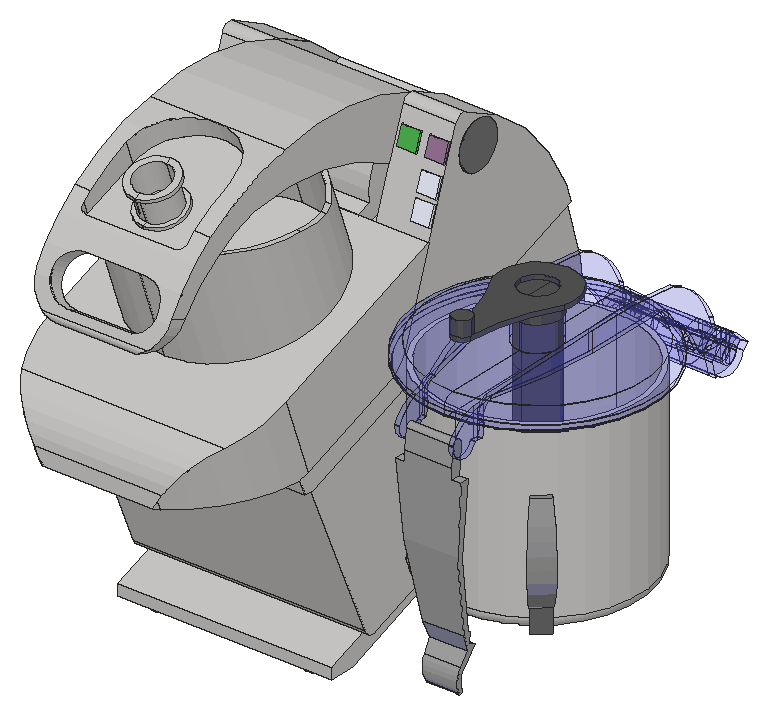
Revit family "QF_DITOSAMA_600438_DTRK70YI", category Specialty Equipment, Revit 2018
Family settings
  Round Connector Dimension = Use Diameter
  Part Type = Normal
  Work Plane-Based = No
  Always vertical = Yes
  Cut with Voids When Loaded = No
  Shared = No
  Room Calculation Point = No
Parameters (values of type "QF_DITO SAMA_600438_DTRK70YI")
  Weight = 28.00 kg
  Watts = 0 W
  Volts = 200 V
  URL Manufacturer = "http://www.ditosama.com"
  URL = "http://www.ditosama.com"
  Steam Supply Size = 0 mm
  Steam Supply Minimum Pressure = 0.0 Pa
  Steam Supply Maximum Pressure = 0.0 Pa
  Steam Pounds per Hour = 0
  Refrigeration Suction Line Size = 0 mm
  Refrigeration Liquid Line Size = 0 mm
  Refrigerant Compressor Remote = yes
  Manufacturer = "Dito Sama"
  Phase = 1
  Model = "DTRK70YI"
  Length Actual = 252 mm  # constant formula
  Item Number = "600438"
  Hot Water Size = 0 mm
  Height Actual = 505 mm  # constant formula
  HP = "2 HP"
  Gas Size = 0 mm
  Gas KW = 0
  Gas Input Pressure = 0 W
  Direct Waste Size = 0 mm
  Description = "CUTTER/SLICER 7L VARIAB.SPEED-1500W-200-240V/1N/50-60-CB APPROVED, SCHUKO PLUG"
  Depth Actual = 485 mm  # constant formula
  Cycle = 60 Hz
  Condensate Return Size = 0 mm
  Compressed Air Volume = 0.0 L/s
  Compressed Air Size = 0 mm
  Compressed Air Pressure = 0.0 Pa
  Cold Water Size = 0 mm
  Accessory = yes
Reference planes
  plane 1 "Center (Front/Back)": y = 0
  plane 2: z = 0
  plane 3 "Center (Left/Right)": x = 0
  plane 4 "BASE": through (-1506.947, -1354.442, -482.669) normal (0, -0.342, 0.9397)
  plane 5 "TOP": z = 725
  plane 6 "FRONT": y = -250
  plane 7 "BACK": y = 250
  plane 8 "LEFT": x = -126
  plane 9 "RIGHT": x = 126
  plane 10 "BaseSup": through (4267.2, -355.454, 143.983) normal (0, -0.342, 0.9397)
  plane 11 "TopCylinder": z = 505
  plane 12 "panel": through (4267.2, 37.396, 376.789) normal (0, -0.9397, 0.342)
  plane 13 "TAN1": through (4267.2, -242.8, 386.84) normal (0, -0.868, 0.4965)
  plane 14 "cx": x = -4.392
  plane 15: z = 490
  plane 16: z = 685
  plane 17 "EI_1": z = 320
  plane 18: z = 224
  plane 19 "SupportOblique": through (4267.2, 163.975, 96.815) normal (0, 0.809, 0.5878)
  plane 20 "CX2": x = 350
Forms (mm)
  Extrusion 1, solid, material "QF_Finishes_Stainless Steel"
    sketch origin (0, 71.755, 29.173) x (0, 0.939693, 0.34202) y (0, -0.34202, 0.939693)
      loop
        line (196.964, 40) -> (-146.726, 40) -> (-150.519, 29.578) -> (-124.204, 20) -> (196.964, 20) -> (196.964, 40)
    from -114.1 to 114.1
  Extrusion 2, solid, material "QF_Finishes_Stainless Steel"
    sketch origin (0, 71.755, 29.173) x (0, 0.939693, 0.34202) y (0, -0.34202, 0.939693)
      loop
        arc (-117.754, 231.836) -> (-115.679, 141.222) -> (-107.501, 50.953) r 1344.145
        arc (-107.501, 50.953) -> (-103.371, 43.13) -> (-95.098, 40) r 12.5
        line (-95.098, 40) -> (191.415, 40)
        arc (191.415, 40) -> (200.799, 44.052) -> (207.001, 52.177) r 20.212
        arc (207.001, 52.177) -> (236.663, 139.796) -> (245.906, 231.836) r 409.593
        line (245.906, 231.836) -> (-117.754, 231.836)
    from -123.6 to 123.2
  Extrusion 3, solid, material "QF_Finishes_Stainless Steel"
    sketch origin (0, 71.755, 29.173) x (0, 0.939693, 0.34202) y (0, -0.34202, 0.939693)
      loop
        line (-117.754, 231.836) -> (250, 231.836) -> (250, 254)
        arc (250, 254) -> (225.127, 344.7) -> (167.861, 419.303) r 244.524
        arc (167.861, 419.303) -> (160.498, 421.774) -> (153.587, 418.23) r 10
        line (153.587, 418.23) -> (25.432, 265.5)
        arc (25.432, 265.5) -> (14.376, 257.016) -> (0.77, 254) r 32.194
        line (0.77, 254) -> (-128.224, 254) -> (-128.224, 236.946) -> (-117.754, 231.836)
    from -125 to 125
  Extrusion 4, void
    sketch origin (0, 71.755, 29.173) x (0, 0.939693, 0.34202) y (0, -0.34202, 0.939693)
      loop
        line (146.605, 338.403) -> (228.145, 338.403)
        arc (228.145, 338.403) -> (202.221, 381.996) -> (167.861, 419.303) r 244.524
        arc (167.861, 419.303) -> (160.498, 421.774) -> (153.587, 418.23) r 10
        line (153.587, 418.23) -> (72.34, 321.403) -> (146.605, 321.403) -> (146.605, 338.403)
    from -76.755 to 68.071
  Extrusion 5, solid, material "QF_Finishes_Stainless Steel"
    sketch origin (0, 71.755, 29.173) x (0, 0.939693, 0.34202) y (0, -0.34202, 0.939693)
      loop
        line (86.605, 338.403) -> (69.605, 321.403) -> (146.605, 321.403) -> (146.605, 338.403) -> (138.179, 338.403) -> (138.179, 369.367)
        arc (138.179, 369.367) -> (147.784, 373.474) -> (158.149, 372.174) r 19.987
        arc (158.149, 372.174) -> (156.791, 382.001) -> (162.888, 389.826) r 12.748
        arc (162.888, 389.826) -> (123.302, 374.774) -> (101.605, 338.403) r 64.447
        line (101.605, 338.403) -> (86.605, 338.403)
    from -65 to 50
  Extrusion 6, solid, material "QF_Finishes_Stainless Steel"
    sketch origin (539, 71.755, 29.173) x (0, -0.939693, -0.34202) y (0, -0.34202, 0.939693)
      loop
        circle (-169.102, 378.696) r 12.748
    from 489 to 604
  Extrusion 7, solid, material "QF_Finishes_Rubber Black"
    sketch origin (0, 71.755, 29.173) x (0, 0.939693, 0.34202) y (0, -0.34202, 0.939693)
      loop
        circle (169.102, 378.696) r 25
    from 125 to 126.6
  Extrusion 8, solid, material "QF_Finishes_Green"
    sketch origin (-10, -113.728, -38.42) x (0, -0.34202, -0.939693) y (1, 0, 0)
      loop
        line (-529.862, 82.865) -> (-509.862, 82.865) -> (-509.862, 102.865) -> (-529.862, 102.865) -> (-529.862, 82.865)
    from 0 to 1.6
  Extrusion 9, solid, material "QF_Finishes_Red"
    sketch origin (20, -113.728, -38.42) x (0, -0.34202, -0.939693) y (1, 0, 0)
      loop
        line (-529.862, 82.865) -> (-509.862, 82.865) -> (-509.862, 102.865) -> (-529.862, 102.865) -> (-529.862, 82.865)
    from 0 to 1.6
  Extrusion 10, solid, material "QF_Finishes_White"
    sketch origin (19.976, -149.421, -75.636) x (0, -0.34202, -0.939693) y (1, 0, 0)
      loop
        line (-521.192, 82.865) -> (-501.192, 82.865) -> (-501.192, 102.865) -> (-521.192, 102.865) -> (-521.192, 82.865)
    from 0 to 1.6
  Extrusion 11, solid, material "QF_Finishes_Rubber Black"
    sketch origin (-20, -293.925, 99.376) x (0, -1, 0) y (1, 0, 0)
      loop
        circle (-230.144, 103.748) r 10
      loop
        circle (-230.144, -61.252) r 10
    from 9.274 to 3.787
  Extrusion 12, void
    sketch origin (-20.94, 306.731, 139.428) x (-1, 0, 0) y (0, -0.34202, 0.939693)
      loop
        circle (-20.94, 196.093) r 10
    from -1.916 to -26.433
  Extrusion 13, solid, material "QF_Finishes_Stainless Steel"
    sketch origin (-20.94, 306.678, 139.573) x (-1, 0, 0) y (0, -0.34202, 0.939693)
      loop
        circle (-20.94, 195.939) r 9.999
    from -8.514 to -26.433
  Extrusion 14, solid, material "QF_Finishes_Stainless Steel"
    sketch origin (0, -15.119, 267.855) x (0, -0.939693, -0.34202) y (1, 0, 0)
      loop
        line (-86.605, -125) -> (117.754, -125)
        arc (117.754, -125) -> (182.577, -108.838) -> (232.224, -64.135) r 138.076
        arc (232.224, -64.135) -> (246.337, -33.516) -> (250, 0) r 104.824
        arc (250, 0) -> (246.337, 33.516) -> (232.224, 64.135) r 104.824
        arc (232.224, 64.135) -> (182.577, 108.838) -> (117.754, 125) r 138.076
        line (117.754, 125) -> (-86.605, 125) -> (-86.605, -125)
    from 0 to 84.403
  Extrusion 15, void
    sketch origin (0, 71.755, 29.173) x (0, 0.939693, 0.34202) y (0, -0.34202, 0.939693)
      loop
        line (-183.149, 338.403) -> (-263.395, 338.403) -> (-263.395, 254) -> (-128.224, 254) -> (-235.716, 293.124) -> (-229.509, 307.133)
        arc (-229.509, 307.133) -> (-211.109, 329.855) -> (-183.149, 338.403) r 50
      loop
        line (86.605, 338.403) -> (25.432, 265.5)
        arc (25.432, 265.5) -> (14.376, 257.016) -> (0.77, 254) r 32.194
        line (0.77, 254) -> (86.605, 254) -> (86.605, 338.403)
    from -156.555 to 144.79
  Extrusion 16, solid, material "QF_Finishes_Rubber Black"
    sketch origin (-20, -255.757, 37.007) x (0, -0.939693, -0.34202) y (1, 0, 0)
      loop
        circle (-230.144, 103.748) r 10
      loop
        circle (-230.144, -61.252) r 10
    from -1.968 to 3.787
  Extrusion 17, solid, material "QF_Finishes_Stainless Steel"
    sketch origin (0, 0, 0) x (0, 1, 0) y (0, 0, 1)
      loop
        arc (-237.987, 360.286) -> (-193.334, 422.101) -> (-125.907, 457.716) r 167.502
        arc (-125.907, 457.716) -> (-32.614, 457.202) -> (54.785, 424.565) r 266.494
        line (54.785, 424.565) -> (73.036, 474.711)
        arc (73.036, 474.711) -> (77.269, 479.853) -> (83.792, 481.198) r 10
        arc (83.792, 481.198) -> (1.801, 503.572) -> (-83.051, 498.734) r 263.981
        arc (-83.051, 498.734) -> (-135.605, 484.534) -> (-183.511, 458.675) r 236.13
        arc (-183.511, 458.675) -> (-222.818, 420.732) -> (-248.457, 372.49) r 174.407
        arc (-248.457, 372.49) -> (-249.83, 368.135) -> (-247.05, 364.513) r 4.945
        line (-247.05, 364.513) -> (-237.987, 360.286)
    from -76.755 to 68.071
  Extrusion 18, void
    sketch origin (0, -252.846, 369.279) x (0, -0.496521, -0.868025) y (1, 0, 0)
      loop
        line (-13.723, -36.755) -> (-13.723, 28.071)
        arc (-13.723, 28.071) -> (-38.723, 53.071) -> (-63.723, 28.071) r 25
        line (-63.723, 28.071) -> (-63.723, -36.755)
        arc (-63.723, -36.755) -> (-38.723, -61.755) -> (-13.723, -36.755) r 25
    from -148.493 to 7.125
  Extrusion 19, void
    sketch origin (0, -88.076, 32.057) x (0, -0.34202, -0.939693) y (1, 0, 0)
      loop
        line (-257.162, 68.071) -> (-297.162, 68.071)
        arc (-297.162, 68.071) -> (-268.878, 56.356) -> (-257.162, 28.071) r 40
        line (-257.162, 28.071) -> (-257.162, 68.071)
      loop
        line (-257.162, -76.755) -> (-257.162, -36.755)
        arc (-257.162, -36.755) -> (-268.878, -65.039) -> (-297.162, -76.755) r 40
        line (-297.162, -76.755) -> (-257.162, -76.755)
    from 233.374 to 280.473
  Extrusion 20, void
    sketch origin (0, -73.76, 246.511) x (0, -0.939693, -0.34202) y (1, 0, 0)
      loop
        spline (50.415, 43.499) -> (50.302, 44.538) -> (50.07, 45.551) -> (49.722, 46.523) -> (49.265, 47.436) -> (48.705, 48.278) -> (48.053, 49.034) -> (47.317, 49.692) -> (46.511, 50.241) -> (45.647, 50.674) -> (44.738, 50.981) -> (43.801, 51.16) -> (42.848, 51.221)
        line (42.848, 51.221) -> (-21.826, 51.221)
        arc (-21.826, 51.221) -> (-77.476, -4.429) -> (-21.826, -60.078) r 55.65
        line (-21.826, -60.078) -> (42.849, -60.064)
        spline (42.849, -60.064) -> (43.796, -60.017) -> (44.73, -59.836) -> (45.637, -59.525) -> (46.5, -59.088) -> (47.306, -58.532) -> (48.042, -57.867) -> (48.695, -57.103) -> (49.256, -56.253) -> (49.715, -55.331) -> (50.065, -54.351) -> (50.3, -53.329) -> (50.415, -52.283)
        line (50.415, -52.283) -> (50.415, 43.499)
    from 219.928 to 259.975
  Extrusion 21, void
    sketch origin (0, -87.856, 241.381) x (0, -0.939693, -0.34202) y (1, 0, 0)
      loop
        circle (-4.976, -4.429) r 22.5
    from 184.171 to 259.975
  Extrusion 22, solid, material "QF_Finishes_Stainless Steel"
    sketch origin (0, -57.13, 252.564) x (0, -0.939693, -0.34202) y (1, 0, 0)
      loop
        circle (-27.476, -4.429) r 100
      loop
        circle (-27.476, -4.429) r 95
    from 84.403 to 219.928
  Extrusion 23, void
    sketch origin (539, 0, 0) x (0, -1, 0) y (0, 0, 1)
      loop
        line (-7.229, 448.453) -> (38.883, 431.669) -> (53.883, 431.669) -> (97.232, 435.738) -> (172.232, 435.738) -> (200.5, 434.424) -> (12.562, 502.828) -> (-7.229, 448.453)
    from 424.9 to 664
  Revolve 24, solid, material "QF_Finishes_Stainless Steel"
    sketch origin (-4.392, 0, 0) x (0, 1, 0) y (0, 0, 1)
      loop
        line (-159.523, 452.833) -> (-177.266, 446.376) -> (-188.766, 477.973) -> (-195.199, 475.631) -> (-193.959, 472.225) -> (-189.261, 473.935) -> (-179, 445.744) -> (-183.698, 444.034) -> (-182.575, 440.948) -> (-179.543, 442.052) -> (-133.191, 314.7) -> (-112.048, 322.396) -> (-159.523, 452.833)
      axis (-112.048, 322.396) -> (-171.023, 484.431)
    angle from 0 to 360
  Extrusion 25, solid, material "QF_Door-Drawer Clearances", detail levels coarse
    sketch origin (0, -262.072, 735.095) x (0, -0.581279, -0.813704) y (0, 0.813704, -0.581279)
      loop
        arc (-237.987, 360.286) -> (-193.334, 422.101) -> (-125.907, 457.716) r 167.502
        arc (-125.907, 457.716) -> (-61.925, 460.915) -> (0.971, 448.753) r 266.494
        arc (0.971, 448.753) -> (-2.208, 475.472) -> (-2.432, 502.379) r 244.524
        arc (-2.432, 502.379) -> (-31.549, 503.211) -> (-60.594, 500.999) r 278.64
        arc (-60.594, 500.999) -> (-125.023, 488.463) -> (-183.511, 458.675) r 236.13
        arc (-183.511, 458.675) -> (-222.818, 420.732) -> (-248.457, 372.49) r 174.407
        arc (-248.457, 372.49) -> (-249.83, 368.135) -> (-247.05, 364.513) r 4.945
        line (-247.05, 364.513) -> (-237.987, 360.286)
    from -76.755 to 68.071
  Extrusion 26, solid, material "QF_Door-Drawer Clearances", detail levels coarse
    sketch origin (-4.392, 0, -55) x (0, 1, 0) y (0, 0, 1)
      loop
        arc (180.062, 780.324) -> (-149.234, 694.151) -> (-249.905, 368.994) r 350.321
        line (-249.905, 368.994) -> (-246.546, 377.767)
        arc (-246.546, 377.767) -> (-144.345, 691.9) -> (174.993, 776.44) r 345.321
        line (174.993, 776.44) -> (180.062, 780.324)
    from -60 to 60
  Extrusion 27, solid, material "QF_Finishes_Rubber Black"
    sketch origin (-20, -20.834, 122.512) x (0, -0.939693, -0.34202) y (1, 0, 0)
      loop
        circle (-230.144, 103.748) r 10
      loop
        circle (-230.144, -61.252) r 10
    from -1.968 to 3.787
  Extrusion 28, void
    sketch origin (-4.392, 0, 0) x (0, 1, 0) y (0, 0, 1)
      loop
        circle (163.975, 96.815) r 5.399
    from -121.608 to 130.392
  Sweep 29, solid, material "QF_Finishes_Stainless Steel"
    path origin (0, 153.361, 111.423) x (0, -0.587785, 0.809017) y (1, 0, 0)
      loop
        line (-133.401, 56) -> (-133.401, 112.5)
        arc (-133.401, 112.5) -> (-130.472, 119.571) -> (-123.401, 122.5) r 10
        line (-123.401, 122.5) -> (-28.058, 122.5)
        arc (-28.058, 122.5) -> (-20.987, 119.571) -> (-18.058, 112.5) r 10
        line (-18.058, 112.5) -> (-18.058, -112.5)
        arc (-18.058, -112.5) -> (-20.987, -119.571) -> (-28.058, -122.5) r 10
        line (-28.058, -122.5) -> (-123.401, -122.5)
        arc (-123.401, -122.5) -> (-130.472, -119.571) -> (-133.401, -112.5) r 10
        line (-133.401, -112.5) -> (-133.401, -56)
    profile origin (84.25, 231.772, 3.5) x (0, 0.587785, -0.809017) y (0, 0.809017, 0.587785)
      loop
        circle (0, 0) r 3.5
  Extrusion 30, void
    sketch origin (-4.392, 0, 0) x (0, 1, 0) y (0, 0, 1)
      loop
        line (50.281, 42.641) -> (71.708, 50.44) -> (64.376, 57.771) -> (50.281, 52.641) -> (50.281, 42.641)
    from -119.208 to -51.608
  Extrusion 31, void
    sketch origin (4.392, 0, 0) x (0, 1, 0) y (0, 0, -1)
      loop
        line (50.281, -42.641) -> (50.281, -52.641) -> (64.376, -57.771) -> (71.708, -50.44) -> (50.281, -42.641)
    from -119.208 to -51.608
  Extrusion 32, solid, material "QF_Door-Drawer Clearances", detail levels coarse
    sketch origin (350, -160.4, -17.118) x (0, -0.34202, -0.939693) y (0, -0.939693, 0.34202)
      loop
        line (-206.754, 118.191) -> (-331.133, -223.538)
        arc (-331.133, -223.538) -> (-241.482, -246.331) -> (-149.003, -248.426) r 409.593
        arc (-149.003, -248.426) -> (-139.246, -245.378) -> (-132.229, -237.945) r 20.212
        line (-132.229, -237.945) -> (-34.236, 31.289)
        arc (-34.236, 31.289) -> (-34.347, 40.134) -> (-40.286, 46.691) r 12.5
        arc (-40.286, 46.691) -> (-122.314, 85.249) -> (-206.754, 118.191) r 1344.145
    from -123.6 to 123.2
  Extrusion 33, solid, material "QF_Door-Drawer Clearances", detail levels coarse
    sketch origin (350, -160.4, -17.118) x (0, -0.34202, -0.939693) y (0, -0.939693, 0.34202)
      loop
        line (-134.127, -243.16) -> (-115.333, -250) -> (-5.487, 51.799) -> (-5.487, 79.803) -> (-16.578, 79.803) -> (-134.127, -243.16)
    from -114.1 to 114.1
  Extrusion 34, solid, material "QF_Door-Drawer Clearances", detail levels coarse
    sketch origin (330, -388.076, 105.131) x (0, -1, 0) y (1, 0, 0)
      loop
        circle (-230.144, 103.748) r 10
      loop
        circle (-230.144, -61.252) r 10
    from -1.968 to 3.787
  Extrusion 35, solid, material "QF_Door-Drawer Clearances", detail levels coarse
    sketch origin (330, -138.076, 105.131) x (0, -1, 0) y (1, 0, 0)
      loop
        circle (-230.144, 103.748) r 10
      loop
        circle (-230.144, -61.252) r 10
    from -1.968 to 3.787
  Extrusion 36, solid, material "QF_Door-Drawer Clearances", detail levels coarse
    sketch origin (0, 250, 0) x (-1, 0, 0) y (0, 0, 1)
      loop
        circle (-350, 200) r 10
    from -89.12 to -78.665
  Extrusion 37, solid, material "QF_Finishes_White"
    sketch origin (19.976, -140.87, -52.143) x (0, -0.34202, -0.939693) y (1, 0, 0)
      loop
        line (-521.192, 82.865) -> (-501.192, 82.865) -> (-501.192, 102.865) -> (-521.192, 102.865) -> (-521.192, 82.865)
    from 0 to 1.6
Cuts and joins
  Extrusion 4, Extrusion 19, Extrusion 20, Extrusion 21 cuts Extrusion 3
  Extrusion 15, Extrusion 19, Extrusion 20, Extrusion 21 cuts Extrusion 14
  Extrusion 18, Extrusion 19, Extrusion 20, Extrusion 21 cuts Extrusion 17
  Extrusion 12, Extrusion 20, Extrusion 21 cuts Extrusion 2
  Extrusion 23 cuts Extrusion 22
  Extrusion 28, Extrusion 30, Extrusion 31 cuts Extrusion 1
Lines and regions (mm)
  symbolic lines
    curve 1: line (-76.755, 170.4, 0) -> (-76.755, -235.217, 0)
    curve 2: line (68.071, -235.135, 0) -> (68.071, 170.4, 0)
    curve 3: line (-76.755, 83.792, 0) -> (68.071, 83.792, 0)
    curve 4: line (-76.755, 170.4, 0) -> (68.071, 170.4, 0)
    curve 5: line (68.071, -83.051, 0) -> (-76.755, -83.051, 0)
    curve 6: line (-60.078, -136.967, 0) -> (51.221, -136.967, 0)
    curve 7: line (-60.078, -128.47, 0) -> (-60.078, -194.06, 0)
    curve 8: line (51.221, -193.76, 0) -> (51.221, -128.47, 0)
    curve 9: spline (-52.282, -199.891, 0) -> (-53.276, -199.815, 0) -> (-54.25, -199.647, 0) -> (-55.19, -199.39, 0) -> (-56.081, -199.046, 0) -> (-56.909, -198.622, 0) -> (-57.663, -198.124, 0) -> (-58.331, -197.559, 0) -> (-58.902, -196.936, 0) -> (-59.369, -196.264, 0) -> (-59.724, -195.553, 0) -> (-59.961, -194.815, 0) -> (-60.078, -194.06, 0)
    curve 10: line (43.499, -199.901, 0) -> (-52.283, -199.901, 0)
    curve 11: spline (51.218, -193.76, 0) -> (51.156, -194.554, 0) -> (50.964, -195.333, 0) -> (50.645, -196.085, 0) -> (50.204, -196.798, 0) -> (49.648, -197.459, 0) -> (48.986, -198.058, 0) -> (48.229, -198.586, 0) -> (47.39, -199.033, 0) -> (46.483, -199.392, 0) -> (45.521, -199.658, 0) -> (44.521, -199.826, 0) -> (43.499, -199.893, 0)
    curve 12: spline (-4.392, -146.848, 0) -> (-11.05, -147.672, 0) -> (-17.255, -150.087, 0) -> (-22.583, -153.929, 0) -> (-26.672, -158.936, 0) -> (-29.242, -164.766, 0) -> (-30.119, -171.023, 0) -> (-29.242, -177.28, 0) -> (-26.672, -183.111, 0) -> (-22.583, -188.118, 0) -> (-17.255, -191.96, 0) -> (-11.05, -194.375, 0) -> (-4.392, -195.199, 0)
    curve 13: spline (-4.392, -195.199, 0) -> (2.267, -194.375, 0) -> (8.472, -191.96, 0) -> (13.8, -188.118, 0) -> (17.888, -183.111, 0) -> (20.459, -177.28, 0) -> (21.335, -171.023, 0) -> (20.459, -164.766, 0) -> (17.888, -158.936, 0) -> (13.8, -153.929, 0) -> (8.472, -150.087, 0) -> (2.267, -147.672, 0) -> (-4.392, -146.848, 0)
    curve 14: spline (-4.392, -188.766, 0) -> (-9.279, -188.162, 0) -> (-13.832, -186.389, 0) -> (-17.743, -183.569, 0) -> (-20.744, -179.895, 0) -> (-22.63, -175.616, 0) -> (-23.273, -171.023, 0) -> (-22.63, -166.431, 0) -> (-20.744, -162.152, 0) -> (-17.743, -158.477, 0) -> (-13.832, -155.658, 0) -> (-9.279, -153.885, 0) -> (-4.392, -153.281, 0)
    curve 15: spline (-4.392, -153.281, 0) -> (0.495, -153.885, 0) -> (5.049, -155.658, 0) -> (8.96, -158.477, 0) -> (11.96, -162.152, 0) -> (13.846, -166.431, 0) -> (14.49, -171.023, 0) -> (13.846, -175.616, 0) -> (11.96, -179.895, 0) -> (8.96, -183.569, 0) -> (5.049, -186.389, 0) -> (0.495, -188.162, 0) -> (-4.392, -188.766, 0)
    curve 16: spline (-22.254, -165.273, 0) -> (-20.617, -168.597, 0) -> (-18.289, -171.534, 0) -> (-15.368, -173.96, 0) -> (-11.98, -175.77, 0) -> (-8.268, -176.888, 0) -> (-4.392, -177.266, 0) -> (-0.515, -176.888, 0) -> (3.197, -175.77, 0) -> (6.585, -173.96, 0) -> (9.505, -171.534, 0) -> (11.834, -168.597, 0) -> (13.471, -165.273, 0)
    curve 17: spline (21.106, -162.743, 0) -> (21.02, -155.749, 0) -> (18.807, -149.071, 0) -> (14.651, -143.268, 0) -> (8.902, -138.825, 0) -> (2.04, -136.115, 0) -> (-5.361, -135.365, 0) -> (-12.68, -136.637, 0) -> (-19.306, -139.824, 0) -> (-24.683, -144.661, 0) -> (-28.361, -150.742, 0) -> (-30.034, -157.558, 0) -> (-29.559, -164.538, 0)
    curve 18: spline (15.591, -154.349, 0) -> (13.851, -150.277, 0) -> (11.185, -146.674, 0) -> (7.729, -143.723, 0) -> (3.657, -141.574, 0) -> (-0.824, -140.337, 0) -> (-5.485, -140.073, 0) -> (-10.091, -140.797, 0) -> (-14.408, -142.471, 0) -> (-18.216, -145.011, 0) -> (-21.322, -148.287, 0) -> (-23.569, -152.134, 0) -> (-24.843, -156.356, 0)
    curve 19: line (-36.755, -245.358, 0) -> (-36.755, -220.255, 0)
    curve 20: line (28.071, -220.255, 0) -> (28.071, -245.358, 0)
    curve 21: line (-36.755, -220.255, 0) -> (28.071, -220.255, 0)
    curve 22: line (-36.755, -231.961, 0) -> (28.071, -231.961, 0)
    curve 23: line (28.071, -245.358, 0) -> (-36.755, -245.358, 0)
    curve 24: arc (-36.755, -231.961, 0) -> (-47.346, -230.66, 0) -> (-57.309, -226.836, 0) r 43.78
    curve 25: arc (28.071, -231.961, 0) -> (38.611, -230.648, 0) -> (48.525, -226.836, 0) r 43.78
    curve 26: line (108.532, -216.09, 0) -> (68.016, -248.959, 0)
    curve 27: spline (108.532, -216.09, 0) -> (111.117, -211.341, 0) -> (113.492, -206.496, 0) -> (115.654, -201.564, 0) -> (117.598, -196.552, 0) -> (119.32, -191.469, 0) -> (120.82, -186.324, 0) -> (122.092, -181.125, 0) -> (123.137, -175.882, 0) -> (123.951, -170.603, 0) -> (124.533, -165.296, 0) -> (124.883, -159.972, 0) -> (125, -154.639, 0)
    curve 28: line (125, -154.639, 0) -> (125, 227.385, 0)
    curve 29: spline (63.971, -249.433, 0) -> (63.542, -249.481, 0) -> (63.11, -249.529, 0) -> (62.674, -249.577, 0) -> (62.235, -249.624, 0) -> (61.792, -249.672, 0) -> (61.346, -249.719, 0) -> (60.896, -249.766, 0) -> (60.442, -249.813, 0) -> (59.985, -249.86, 0) -> (59.525, -249.907, 0) -> (59.06, -249.954, 0) -> (58.593, -250, 0)
    curve 30: spline (68.016, -248.959, 0) -> (67.688, -248.999, 0) -> (67.358, -249.038, 0) -> (67.026, -249.078, 0) -> (66.693, -249.118, 0) -> (66.359, -249.157, 0) -> (66.022, -249.197, 0) -> (65.684, -249.236, 0) -> (65.345, -249.276, 0) -> (65.004, -249.315, 0) -> (64.661, -249.354, 0) -> (64.317, -249.394, 0) -> (63.971, -249.433, 0)
    curve 31: line (-68.016, -248.959, 0) -> (68.016, -248.959, 0)
    curve 32: line (-68.016, -248.959, 0) -> (-108.532, -216.09, 0)
    curve 33: spline (-63.971, -249.433, 0) -> (-64.317, -249.394, 0) -> (-64.661, -249.354, 0) -> (-65.004, -249.315, 0) -> (-65.345, -249.276, 0) -> (-65.684, -249.236, 0) -> (-66.022, -249.197, 0) -> (-66.359, -249.157, 0) -> (-66.693, -249.118, 0) -> (-67.026, -249.078, 0) -> (-67.358, -249.038, 0) -> (-67.688, -248.999, 0) -> (-68.016, -248.959, 0)
    curve 34: spline (-58.593, -250, 0) -> (-59.06, -249.954, 0) -> (-59.525, -249.907, 0) -> (-59.985, -249.86, 0) -> (-60.442, -249.813, 0) -> (-60.896, -249.766, 0) -> (-61.346, -249.719, 0) -> (-61.792, -249.672, 0) -> (-62.235, -249.624, 0) -> (-62.674, -249.577, 0) -> (-63.11, -249.529, 0) -> (-63.542, -249.481, 0) -> (-63.971, -249.433, 0)
    curve 35: line (-76.755, -235.217, 0) -> (-60.604, -248.457, 0)
    curve 36: spline (-125, -154.639, 0) -> (-124.883, -159.972, 0) -> (-124.533, -165.296, 0) -> (-123.951, -170.603, 0) -> (-123.137, -175.882, 0) -> (-122.092, -181.125, 0) -> (-120.82, -186.324, 0) -> (-119.32, -191.469, 0) -> (-117.598, -196.552, 0) -> (-115.654, -201.564, 0) -> (-113.492, -206.496, 0) -> (-111.117, -211.341, 0) -> (-108.532, -216.09, 0)
    curve 37: line (-125, 227.385, 0) -> (-125, -154.639, 0)
    curve 38: arc (-76.755, -160.023, 0) -> (-93.256, -130.498, 0) -> (-99.37, -97.232, 0) r 103.622
    curve 39: arc (-76.755, -168.026, 0) -> (-96.901, -135.101, 0) -> (-104.377, -97.232, 0) r 109.55
    curve 40: spline (-99.395, -97.232, 0) -> (-99.428, -93.546, 0) -> (-99.341, -89.86, 0) -> (-99.135, -86.178, 0) -> (-98.81, -82.506, 0) -> (-98.367, -78.845, 0) -> (-97.806, -75.201, 0) -> (-97.127, -71.576, 0) -> (-96.331, -67.976, 0) -> (-95.419, -64.402, 0) -> (-94.392, -60.86, 0) -> (-93.251, -57.352, 0) -> (-91.998, -53.883, 0)
    curve 41: arc (-91.998, -53.883, 0) -> (-88.614, -46.234, 0) -> (-84.624, -38.883, 0) r 103.541
    curve 42: spline (-84.624, -38.883, 0) -> (-84.026, -38.009, 0) -> (-83.417, -37.142, 0) -> (-82.798, -36.282, 0) -> (-82.167, -35.428, 0) -> (-81.527, -34.582, 0) -> (-80.876, -33.742, 0) -> (-80.214, -32.91, 0) -> (-79.543, -32.085, 0) -> (-78.861, -31.267, 0) -> (-78.169, -30.457, 0) -> (-77.467, -29.655, 0) -> (-76.755, -28.86, 0)
    curve 43: spline (-90.488, -38.883, 0) -> (-89.506, -37.356, 0) -> (-88.492, -35.846, 0) -> (-87.448, -34.355, 0) -> (-86.375, -32.883, 0) -> (-85.271, -31.43, 0) -> (-84.139, -29.997, 0) -> (-82.978, -28.585, 0) -> (-81.788, -27.193, 0) -> (-80.571, -25.823, 0) -> (-79.326, -24.476, 0) -> (-78.054, -23.15, 0) -> (-76.755, -21.847, 0)
    curve 44: arc (-97.398, -53.883, 0) -> (-94.227, -46.252, 0) -> (-90.488, -38.883, 0) r 109.406
    curve 45: spline (-104.397, -97.232, 0) -> (-104.428, -93.553, 0) -> (-104.346, -89.875, 0) -> (-104.151, -86.201, 0) -> (-103.844, -82.535, 0) -> (-103.425, -78.879, 0) -> (-102.894, -75.238, 0) -> (-102.252, -71.615, 0) -> (-101.499, -68.013, 0) -> (-100.637, -64.435, 0) -> (-99.665, -60.886, 0) -> (-98.585, -57.367, 0) -> (-97.398, -53.883, 0)
    curve 46: spline (-104.429, -60.179, 0) -> (-104.227, -54.213, 0) -> (-103.623, -48.272, 0) -> (-102.618, -42.379, 0) -> (-101.218, -36.558, 0) -> (-99.427, -30.832, 0) -> (-97.253, -25.224, 0) -> (-94.704, -19.758, 0) -> (-91.791, -14.454, 0) -> (-88.526, -9.335, 0) -> (-84.922, -4.421, 0) -> (-80.993, 0.268, 0) -> (-76.755, 4.714, 0)
    curve 47: line (-104.429, -60.179, 0) -> (-104.429, -91.125, 0)
    curve 48: line (-125, 37.396, 0) -> (-76.755, 37.396, 0)
    curve 49: line (-125, 227.385, 0) -> (125, 227.385, 0)
    curve 50: line (-125, 219.805, 0) -> (125, 219.805, 0)
    curve 51: line (-65, 113.885, 0) -> (50, 113.885, 0)
    curve 52: line (50, 113.885, 0) -> (50, 83.792, 0)
    curve 53: line (-65, 113.885, 0) -> (-65, 83.792, 0)
    curve 54: line (-65, 91.491, 0) -> (50, 91.491, 0)
    curve 55: line (50, 93.777, 0) -> (68.071, 93.777, 0)
    curve 56: line (-65, 93.777, 0) -> (-76.755, 93.777, 0)
    curve 57: line (72.865, 67.495, 0) -> (92.865, 67.495, 0)
    curve 58: line (72.865, 59.152, 0) -> (72.865, 67.495, 0)
    curve 59: line (92.865, 59.152, 0) -> (72.865, 59.152, 0)
    curve 60: line (92.865, 67.495, 0) -> (92.865, 59.152, 0)
    curve 61: line (102.865, 67.495, 0) -> (122.865, 67.495, 0)
    curve 62: line (102.865, 59.152, 0) -> (102.865, 67.495, 0)
    curve 63: line (122.865, 59.152, 0) -> (102.865, 59.152, 0)
    curve 64: line (122.865, 67.495, 0) -> (122.865, 59.152, 0)
    curve 65: line (102.841, 48.394, 0) -> (122.841, 48.394, 0)
    curve 66: line (102.841, 40.05, 0) -> (102.841, 48.394, 0)
    curve 67: line (122.841, 40.05, 0) -> (102.841, 40.05, 0)
    curve 68: line (122.841, 48.394, 0) -> (122.841, 40.05, 0)
    curve 69: line (92.865, 65.992, 0) -> (72.865, 65.992, 0)
    curve 70: line (122.865, 65.992, 0) -> (102.865, 65.992, 0)
    curve 71: line (122.841, 46.891, 0) -> (102.841, 46.891, 0)
    curve 72: line (-123.6, 250, 0) -> (123.2, 250, 0)
    curve 73: line (123.2, 227.385, 0) -> (123.2, 250, 0)
    curve 74: line (-123.6, 227.385, 0) -> (-123.6, 250, 0)
    curve 75: line (68.071, 37.396, 0) -> (125, 37.396, 0)
    curve 76: line (68.071, -235.135, 0) -> (51.82, -248.457, 0)
    curve 77: arc (68.071, -159.898, 0) -> (84.5, -130.423, 0) -> (90.587, -97.232, 0) r 103.622
    curve 78: arc (68.071, -167.913, 0) -> (88.145, -135.031, 0) -> (95.593, -97.232, 0) r 109.55
    curve 79: spline (90.612, -97.232, 0) -> (90.644, -93.546, 0) -> (90.558, -89.86, 0) -> (90.352, -86.178, 0) -> (90.027, -82.506, 0) -> (89.584, -78.845, 0) -> (89.022, -75.201, 0) -> (88.343, -71.576, 0) -> (87.547, -67.976, 0) -> (86.636, -64.402, 0) -> (85.609, -60.86, 0) -> (84.468, -57.352, 0) -> (83.214, -53.883, 0)
    curve 80: arc (83.214, -53.883, 0) -> (79.831, -46.234, 0) -> (75.841, -38.883, 0) r 103.541
    curve 81: spline (75.841, -38.883, 0) -> (75.25, -38.019, 0) -> (74.648, -37.162, 0) -> (74.036, -36.312, 0) -> (73.414, -35.468, 0) -> (72.781, -34.631, 0) -> (72.138, -33.801, 0) -> (71.485, -32.977, 0) -> (70.822, -32.161, 0) -> (70.149, -31.353, 0) -> (69.466, -30.551, 0) -> (68.774, -29.757, 0) -> (68.071, -28.97, 0)
    curve 82: spline (81.705, -38.883, 0) -> (80.729, -37.365, 0) -> (79.722, -35.865, 0) -> (78.685, -34.383, 0) -> (77.619, -32.92, 0) -> (76.523, -31.476, 0) -> (75.399, -30.051, 0) -> (74.246, -28.647, 0) -> (73.066, -27.263, 0) -> (71.857, -25.901, 0) -> (70.622, -24.56, 0) -> (69.36, -23.242, 0) -> (68.071, -21.946, 0)
    curve 83: arc (88.615, -53.883, 0) -> (85.443, -46.252, 0) -> (81.705, -38.883, 0) r 109.406
    curve 84: spline (95.614, -97.232, 0) -> (95.644, -93.553, 0) -> (95.562, -89.875, 0) -> (95.368, -86.201, 0) -> (95.061, -82.535, 0) -> (94.641, -78.879, 0) -> (94.111, -75.238, 0) -> (93.469, -71.615, 0) -> (92.716, -68.013, 0) -> (91.853, -64.435, 0) -> (90.882, -60.886, 0) -> (89.802, -57.367, 0) -> (88.615, -53.883, 0)
    curve 85: spline (95.645, -60.179, 0) -> (95.444, -54.225, 0) -> (94.842, -48.295, 0) -> (93.842, -42.413, 0) -> (92.446, -36.602, 0) -> (90.662, -30.886, 0) -> (88.496, -25.287, 0) -> (85.957, -19.829, 0) -> (83.055, -14.533, 0) -> (79.802, -9.421, 0) -> (76.21, -4.512, 0) -> (72.295, 0.173, 0) -> (68.071, 4.615, 0)
    curve 86: line (95.645, -60.179, 0) -> (95.645, -91.125, 0)
    curve 87: line (102.841, 56.945, 0) -> (122.841, 56.945, 0)
    curve 88: line (122.841, 55.441, 0) -> (102.841, 55.441, 0)
    curve 89: line (102.841, 56.945, 0) -> (102.841, 48.394, 0)
    curve 90: line (102.841, 48.601, 0) -> (122.841, 48.601, 0)
    curve 91: line (122.841, 48.601, 0) -> (122.841, 56.945, 0)
Dimensions and locks
  plane 5 "TOP" to level = 725 mm  (x2)
  plane 8 "LEFT" to plane 3 "Center (Left/Right)" to plane 9 "RIGHT" = 126 mm, 126 mm
  plane 7 "BACK" to plane 1 "Center (Front/Back)" to plane 6 "FRONT" = 250 mm, 250 mm
  plane 5 "TOP" to plane 2 = 725 mm
  plane 5 "TOP" to plane 11 "TopCylinder" = 220 mm
  plane 6 "FRONT" to plane 7 "BACK" = 500 mm
  plane 7 "BACK" to plane 6 "FRONT" = 500 mm
  plane 11 "TopCylinder" to level = 505 mm  (x2)
  plane 15 to level = 490 mm  (x2)
  plane 16 to level = 685 mm
  plane 17 "EI_1" to level = 320 mm
  plane 18 to level = 224 mm
  plane 16 to plane 2 = 685 mm
  plane 9 "RIGHT" to plane 8 "LEFT" = 252 mm
  aligned and locked: level to plane 2
Nested families
  nested 1: "QF_600438_BOWL" at (360, -39.665, -20.592), type "QF_600438_BOWL"
Connectors
  electrical at (0, 231.662, 320.783), driven by "Volts"
    settings: on Extrusion 13, index 1, voltage 200 V, apparent load 0 VA, apparent load phase1 0 VA, apparent load phase2 0 VA, apparent load phase3 0 VA, power factor 1, load classification "Other", number of poles 1, system type 30, power factor state 1, is connector primary yes, connector utility no, sub classification motor no, connector description "Electrical Connection"
Definition of nested family "QF_600438_BOWL"
  Reference planes
    plane 1 "Center (Front/Back)": y = 0
    plane 2: z = 0
    plane 3 "Center (Left/Right)": x = 0
    plane 4 "TOP": z = 705.4
    plane 5 "FRONT": y = -211
    plane 6 "BACK": y = 211
    plane 7 "LEFT": x = -128
    plane 8 "RIGHT": x = 128
    plane 9 "CenterX": x = -10
    plane 10 "Maniglia": through (-10, -59.177, 4000) normal (0.766, 0.6428, 0)
    plane 11 "Panel": through (4267.2, 107.252, 388.448) normal (0, 0.766, -0.6428)
    plane 12: z = 510
  Forms (mm)
    Revolve 1, solid
      sketch origin (-10, 0, 0) x (0, -1, 0) y (0, 0, 1)
        loop
          line (59.177, 490.527) -> (28.516, 490.527) -> (35.424, 483.619) -> (35.424, 470.527) -> (38.194, 470.527) -> (38.194, 356.104) -> (59.177, 356.104) -> (59.177, 490.527)
        axis (59.177, 356.104) -> (59.177, 490.527)
      angle from 0 to 360
    Extrusion 2, solid
      sketch origin (0, 0, 0) x (1, 0, 0) y (0, 1, 0)
        loop
          arc (-48.167, -71.147) -> (-28.951, -114.517) -> (-19.956, -161.093) r 210.055
          arc (-19.956, -161.093) -> (-10, -170.155) -> (-0.044, -161.093) r 10
          arc (-0.044, -161.093) -> (8.951, -114.517) -> (28.167, -71.147) r 210.055
          arc (28.167, -71.147) -> (-10, -19.177) -> (-48.167, -71.147) r 40
      from 490.527 to 495.013
    Extrusion 3, solid
      sketch origin (0, 0, 0) x (1, 0, 0) y (0, 1, 0)
        loop
          circle (-10, -160.155) r 10
      from 495.013 to 510.592
    Extrusion 4, void
      sketch origin (0, 0, 0) x (1, 0, 0) y (0, 1, 0)
        loop
          circle (-10, -59.177) r 19
      from 467.615 to 512.796
    Extrusion 5, void
      sketch origin (-20, 0, 0) x (-1, 0, 0) y (0, -1, 0)
        loop
          line (16.15, 177.864) -> (16.15, -123.86) -> (35.771, -123.86) -> (35.771, 48.192)
          arc (35.771, 48.192) -> (30.047, 105.502) -> (17.781, 161.776) r 500.876
          line (17.781, 161.776) -> (17.781, 171.776) -> (16.15, 177.864)
        loop
          line (40.771, -123.86) -> (45.852, -123.86) -> (45.852, 210.681) -> (21.15, 210.681) -> (21.15, 178.522) -> (22.781, 172.434) -> (22.781, 162.459)
          arc (22.781, 162.459) -> (35.047, 105.893) -> (40.771, 48.297) r 505.876
          line (40.771, 48.297) -> (40.771, -123.86)
      from 381.652 to 477.521
    Extrusion 6, solid
      sketch origin (-20, 0, 0) x (0, 1, 0) y (0, 0, -1)
        loop
          line (-173.064, -409.647) -> (-181.147, -409.647)
          arc (-181.147, -409.647) -> (-199.354, -399.982) -> (-210.844, -417.096) r 15.391
          arc (-210.844, -417.096) -> (-202.04, -429.372) -> (-189.058, -437.099) r 36.946
          arc (-189.058, -437.099) -> (-65.868, -463.241) -> (59.99, -458.888) r 518.061
          arc (59.99, -458.888) -> (92.246, -438.11) -> (113.023, -405.855) r 90.696
          arc (113.023, -405.855) -> (114.903, -399.662) -> (115.972, -393.28) r 50.278
          arc (115.972, -393.28) -> (121.968, -392.806) -> (127.203, -389.844) r 13.902
          arc (127.203, -389.844) -> (135.322, -382.188) -> (143.082, -374.167) r 242.898
          line (143.082, -374.167) -> (137.378, -368.464)
          arc (137.378, -368.464) -> (123.613, -353.84) -> (104.088, -358.543) r 20
          line (104.088, -358.543) -> (99.34, -358.543)
          arc (99.34, -358.543) -> (88.098, -393.587) -> (65.823, -422.884) r 108.872
          line (65.823, -422.884) -> (50.823, -422.884)
          arc (50.823, -422.884) -> (52.796, -423.701) -> (53.614, -425.674) r 2.79
          line (53.614, -425.674) -> (53.614, -430.892)
          arc (53.614, -430.892) -> (50.154, -439.244) -> (41.802, -442.703) r 11.812
          line (41.802, -442.703) -> (-160.307, -442.703)
          arc (-160.307, -442.703) -> (-168.659, -439.244) -> (-172.119, -430.892) r 11.812
          line (-172.119, -430.892) -> (-172.119, -425.826)
          arc (-172.119, -425.826) -> (-171.728, -424.361) -> (-170.659, -423.285) r 2.942
          line (-170.659, -423.285) -> (-173.064, -409.647)
        loop
          circle (117.901, -373.007) r 9.416
      from 16.15 to 45.852
    Extrusion 7, solid
      sketch origin (0, 0, 0) x (0, 1, 0) y (0, 0, 1)
        loop
          line (137.378, 368.464) -> (143.082, 374.167)
          arc (143.082, 374.167) -> (135.322, 382.188) -> (127.203, 389.844) r 242.898
          arc (127.203, 389.844) -> (116.931, 393.38) -> (107.252, 388.448) r 13.902
          line (107.252, 388.448) -> (95.766, 374.76)
          arc (95.766, 374.76) -> (97.862, 366.72) -> (99.34, 358.543) r 108.872
          line (99.34, 358.543) -> (104.088, 358.543)
          arc (104.088, 358.543) -> (123.613, 353.84) -> (137.378, 368.464) r 20
        loop
          circle (117.901, 373.007) r 9.416
      from -71.073 to 53.607
    Extrusion 8, solid
      sketch origin (0, 0, 0) x (0, 1, 0) y (0, 0, 1)
        loop
          arc (-182.273, 168.111) -> (-185.377, 178.111) -> (-182.273, 188.111) r 17.658
          line (-182.273, 188.111) -> (-169.592, 207.294) -> (-177.764, 211.104) -> (-177.764, 222.201) -> (-180.378, 224.815)
          arc (-180.378, 224.815) -> (-195.887, 307.452) -> (-195.295, 391.529) r 437.299
          line (-195.295, 391.529) -> (-193.232, 411.422)
          arc (-193.232, 411.422) -> (-197.69, 416.911) -> (-203.179, 412.454) r 5
          line (-203.179, 412.454) -> (-205.242, 392.56)
          arc (-205.242, 392.56) -> (-202.268, 306.332) -> (-185.461, 221.705) r 534.528
          line (-185.461, 221.705) -> (-177.764, 203.503) -> (-186.394, 190.943)
          arc (-186.394, 190.943) -> (-190.377, 178.111) -> (-186.394, 165.28) r 22.658
          arc (-186.394, 165.28) -> (-182.917, 164.635) -> (-182.273, 168.111) r 2.5
      from -49.646 to 27.326
    Extrusion 9, void
      sketch origin (0, -211, 0) x (-1, 0, 0) y (0, 0, 1)
        loop
          line (-15.15, 416.938) -> (-47.326, 416.938) -> (-47.326, 161.938) -> (-6.963, 161.938) -> (-24.508, 381.652) -> (-15.15, 381.652) -> (-15.15, 416.938)
        loop
          line (26.963, 161.938) -> (77.918, 161.938) -> (77.918, 416.938) -> (35.15, 416.938) -> (35.15, 381.652) -> (44.508, 381.652) -> (26.963, 161.938)
      from 46.08 to -69.339
    Extrusion 10, solid
      sketch origin (0, 0, 0) x (0, 1, 0) y (0, 0, 1)
        loop
          line (-173.064, 409.647) -> (-170.659, 423.285)
          arc (-170.659, 423.285) -> (-171.728, 424.361) -> (-172.119, 425.826) r 2.942
          line (-172.119, 425.826) -> (-172.119, 430.892)
          arc (-172.119, 430.892) -> (-168.659, 439.244) -> (-160.307, 442.703) r 11.812
          line (-160.307, 442.703) -> (41.802, 442.703)
          arc (41.802, 442.703) -> (50.154, 439.244) -> (53.614, 430.892) r 11.812
          line (53.614, 430.892) -> (53.614, 425.674)
          arc (53.614, 425.674) -> (52.796, 423.701) -> (50.823, 422.884) r 2.79
          line (50.823, 422.884) -> (65.823, 422.884)
          arc (65.823, 422.884) -> (88.098, 393.587) -> (99.34, 358.543) r 108.872
          line (99.34, 358.543) -> (104.088, 358.543)
          arc (104.088, 358.543) -> (123.613, 353.84) -> (137.378, 368.464) r 20
          line (137.378, 368.464) -> (143.082, 374.167)
          arc (143.082, 374.167) -> (135.322, 382.188) -> (127.203, 389.844) r 242.898
          arc (127.203, 389.844) -> (121.968, 392.806) -> (115.972, 393.28) r 13.902
          arc (115.972, 393.28) -> (114.903, 399.662) -> (113.023, 405.855) r 50.278
          arc (113.023, 405.855) -> (92.246, 438.11) -> (59.99, 458.888) r 90.696
          arc (59.99, 458.888) -> (-65.868, 463.241) -> (-189.058, 437.099) r 518.061
          arc (-189.058, 437.099) -> (-202.04, 429.372) -> (-210.844, 417.096) r 36.946
          arc (-210.844, 417.096) -> (-199.354, 399.982) -> (-181.147, 409.647) r 15.391
          line (-181.147, 409.647) -> (-173.064, 409.647)
        loop
          circle (117.901, 373.007) r 9.416
      from 16.15 to 45.852
    Extrusion 11, void
      sketch origin (0, 0, 0) x (1, 0, 0) y (0, 1, 0)
        loop
          line (16.15, -177.864) -> (17.781, -171.776) -> (17.781, -161.776)
          arc (17.781, -161.776) -> (30.047, -105.502) -> (35.771, -48.192) r 500.876
          line (35.771, -48.192) -> (35.771, 123.86) -> (16.15, 123.86) -> (16.15, -177.864)
        loop
          line (40.771, 123.86) -> (40.771, -48.297)
          arc (40.771, -48.297) -> (35.047, -105.893) -> (22.781, -162.459) r 505.876
          line (22.781, -162.459) -> (22.781, -172.434) -> (21.15, -178.522) -> (21.15, -210.681) -> (45.852, -210.681) -> (45.852, 123.86) -> (40.771, 123.86)
      from 381.652 to 477.521
    Revolve 12, solid
      sketch origin (-10, 0, 0) x (0, -1, 0) y (0, 0, 1)
        loop
          line (38.194, 422.884) -> (38.194, 470.527) -> (35.424, 470.527) -> (35.424, 442.703) -> (-53.802, 442.703)
          arc (-53.802, 442.703) -> (-62.213, 439.268) -> (-65.732, 430.892) r 11.871
          line (-65.732, 430.892) -> (-65.732, 425.793)
          arc (-65.732, 425.793) -> (-64.88, 423.736) -> (-62.823, 422.884) r 2.909
          line (-62.823, 422.884) -> (38.194, 422.884)
        axis (59.177, 422.884) -> (59.177, 470.527)
      angle from 0 to 360
    Revolve 13, solid
      sketch origin (-10, 0, 0) x (0, -1, 0) y (0, 0, 1)
        loop
          line (169.177, 422.884) -> (164.177, 422.884) -> (164.177, 237.884)
          arc (164.177, 237.884) -> (162.191, 233.09) -> (157.397, 231.104) r 6.78
          line (157.397, 231.104) -> (84.177, 231.104) -> (84.177, 356.104) -> (79.177, 356.104) -> (79.177, 226.104) -> (157.397, 226.104)
          arc (157.397, 226.104) -> (165.726, 229.554) -> (169.177, 237.884) r 11.78
          line (169.177, 237.884) -> (169.177, 422.884)
        axis (59.177, 422.884) -> (59.177, 226.104)
      angle from 0 to 360
    Extrusion 14, solid
      sketch origin (-49.423, -13.925, 0) x (0.634002, 0.773331, 0) y (-0.773331, 0.634002, 0)
        loop
          line (-55.497, -222.333) -> (-26.468, -227.794) -> (-20.635, -161.119)
          arc (-20.635, -161.119) -> (-28.727, -159.898) -> (-36.729, -158.185) r 133.529
          line (-36.729, -158.185) -> (-55.497, -222.333)
      from 226.104 to 356.104
    Revolve 15, void
      sketch origin (-35.007, -29.374, 0) x (-0.642788, 0.766044, 0) y (0, 0, 1)
        loop
          arc (-155.215, 337.579) -> (-171.344, 302.579) -> (-155.215, 267.579) r 46.04
          line (-155.215, 267.579) -> (-147.754, 267.579) -> (-147.754, 337.579) -> (-155.215, 337.579)
        loop
          line (-155.215, 356.104) -> (-147.754, 356.104) -> (-147.754, 361.761) -> (-215.215, 361.761) -> (-215.215, 226.104) -> (-147.754, 226.104) -> (-147.754, 256.485) -> (-163.93, 256.485)
          arc (-163.93, 256.485) -> (-184.453, 308.471) -> (-155.215, 356.104) r 62.537
        axis (10, 361.761) -> (10, 226.104)
      angle from -8.217 to 8.652
    Extrusion 16, solid
      sketch origin (0, 0, 0) x (1, 0, 0) y (0, 1, 0)
        loop
          arc (57.446, -154.071) -> (64.931, -148.135) -> (72.061, -141.775) r 165.215
          line (72.061, -141.775) -> (66.401, -136.116)
          arc (66.401, -136.116) -> (59.824, -141.977) -> (52.928, -147.46) r 157.215
          line (52.928, -147.46) -> (57.446, -154.071)
      from 226.104 to 256.485
    Revolve 17, solid, detail levels coarse
      sketch origin (-10, -235.136, 499.949) x (0, 0, 1) y (0, 1, 0)
        loop
          line (59.177, 490.527) -> (28.516, 490.527) -> (35.424, 483.619) -> (35.424, 470.527) -> (38.194, 470.527) -> (38.194, 442.703) -> (59.177, 442.703) -> (59.177, 490.527)
        axis (59.177, 442.703) -> (59.177, 490.527)
      angle from 0 to 360
    Extrusion 18, solid, detail levels coarse
      sketch origin (0, -235.136, 499.949) x (1, 0, 0) y (0, 0, -1)
        loop
          arc (-48.167, -71.147) -> (-28.951, -114.517) -> (-19.956, -161.093) r 210.055
          arc (-19.956, -161.093) -> (-10, -170.155) -> (-0.044, -161.093) r 10
          arc (-0.044, -161.093) -> (8.951, -114.517) -> (28.167, -71.147) r 210.055
          arc (28.167, -71.147) -> (-10, -19.177) -> (-48.167, -71.147) r 40
      from 490.527 to 495.013
    Extrusion 19, solid, detail levels coarse
      sketch origin (0, -235.136, 499.949) x (1, 0, 0) y (0, 0, -1)
        loop
          circle (-10, -160.155) r 10
      from 495.013 to 510.592
    Extrusion 20, void
      sketch origin (-20, -221.856, 479.359) x (-1, 0, 0) y (0, 0, 1)
        loop
          line (16.15, 177.864) -> (16.15, -123.86) -> (35.771, -123.86) -> (35.771, 48.192)
          arc (35.771, 48.192) -> (30.047, 105.502) -> (17.781, 161.776) r 500.876
          line (17.781, 161.776) -> (17.781, 171.776) -> (16.15, 177.864)
        loop
          line (40.771, -123.86) -> (45.852, -123.86) -> (45.852, 217.003) -> (21.15, 217.003) -> (21.15, 178.522) -> (22.781, 172.434) -> (22.781, 162.459)
          arc (22.781, 162.459) -> (35.047, 105.893) -> (40.771, 48.297) r 505.876
          line (40.771, 48.297) -> (40.771, -123.86)
      from 350.345 to 477.521
    Extrusion 21, solid, detail levels coarse
      sketch origin (-20, -235.136, 499.949) x (0, 0, -1) y (0, -1, 0)
        loop
          line (-173.064, -409.647) -> (-181.303, -409.647)
          arc (-181.303, -409.647) -> (-196.341, -401.818) -> (-205.451, -416.117) r 12.548
          arc (-205.451, -416.117) -> (-199.87, -428.651) -> (-189.058, -437.099) r 28.357
          arc (-189.058, -437.099) -> (-65.868, -463.241) -> (59.99, -458.888) r 518.061
          arc (59.99, -458.888) -> (92.246, -438.11) -> (113.023, -405.855) r 90.696
          arc (113.023, -405.855) -> (114.903, -399.662) -> (115.972, -393.28) r 50.278
          arc (115.972, -393.28) -> (121.968, -392.806) -> (127.203, -389.844) r 13.902
          arc (127.203, -389.844) -> (130.645, -386.684) -> (134.025, -383.459) r 242.898
          arc (134.025, -383.459) -> (118.878, -371.582) -> (104.72, -358.543) r 242.898
          line (104.72, -358.543) -> (99.34, -358.543)
          arc (99.34, -358.543) -> (88.098, -393.587) -> (65.823, -422.884) r 108.872
          line (65.823, -422.884) -> (50.823, -422.884)
          arc (50.823, -422.884) -> (52.796, -423.701) -> (53.614, -425.674) r 2.79
          line (53.614, -425.674) -> (53.614, -430.892)
          arc (53.614, -430.892) -> (50.154, -439.244) -> (41.802, -442.703) r 11.812
          line (41.802, -442.703) -> (-160.307, -442.703)
          arc (-160.307, -442.703) -> (-168.659, -439.244) -> (-172.119, -430.892) r 11.812
          line (-172.119, -430.892) -> (-172.119, -425.826)
          arc (-172.119, -425.826) -> (-171.728, -424.361) -> (-170.659, -423.285) r 2.942
          line (-170.659, -423.285) -> (-173.064, -409.647)
      from 16.15 to 45.852
    Extrusion 22, void
      sketch origin (0, -221.856, 479.359) x (1, 0, 0) y (0, 0, -1)
        loop
          line (16.15, -177.864) -> (17.781, -171.776) -> (17.781, -161.776)
          arc (17.781, -161.776) -> (30.047, -105.502) -> (35.771, -48.192) r 500.876
          line (35.771, -48.192) -> (35.771, 123.86) -> (16.15, 123.86) -> (16.15, -177.864)
        loop
          line (40.771, 123.86) -> (40.771, -48.297)
          arc (40.771, -48.297) -> (35.047, -105.893) -> (22.781, -162.459) r 505.876
          line (22.781, -162.459) -> (22.781, -172.434) -> (21.15, -178.522) -> (21.15, -217.003) -> (45.852, -217.003) -> (45.852, 123.86) -> (40.771, 123.86)
      from 350.345 to 477.521
    Extrusion 23, solid, detail levels coarse
      sketch origin (0, -235.136, 499.949) x (0, 0, -1) y (0, 1, 0)
        loop
          line (-173.064, 409.647) -> (-170.659, 423.285)
          arc (-170.659, 423.285) -> (-171.728, 424.361) -> (-172.119, 425.826) r 2.942
          line (-172.119, 425.826) -> (-172.119, 430.892)
          arc (-172.119, 430.892) -> (-168.659, 439.244) -> (-160.307, 442.703) r 11.812
          line (-160.307, 442.703) -> (41.802, 442.703)
          arc (41.802, 442.703) -> (50.154, 439.244) -> (53.614, 430.892) r 11.812
          line (53.614, 430.892) -> (53.614, 425.674)
          arc (53.614, 425.674) -> (52.796, 423.701) -> (50.823, 422.884) r 2.79
          line (50.823, 422.884) -> (65.823, 422.884)
          arc (65.823, 422.884) -> (88.098, 393.587) -> (99.34, 358.543) r 108.872
          line (99.34, 358.543) -> (104.72, 358.543)
          arc (104.72, 358.543) -> (118.878, 371.582) -> (134.025, 383.459) r 242.898
          arc (134.025, 383.459) -> (130.645, 386.684) -> (127.203, 389.844) r 242.898
          arc (127.203, 389.844) -> (121.968, 392.806) -> (115.972, 393.28) r 13.902
          arc (115.972, 393.28) -> (114.903, 399.662) -> (113.023, 405.855) r 50.278
          arc (113.023, 405.855) -> (92.246, 438.11) -> (59.99, 458.888) r 90.696
          arc (59.99, 458.888) -> (-65.868, 463.241) -> (-189.058, 437.099) r 518.061
          arc (-189.058, 437.099) -> (-199.87, 428.651) -> (-205.451, 416.117) r 28.357
          arc (-205.451, 416.117) -> (-196.341, 401.818) -> (-181.303, 409.647) r 12.548
          line (-181.303, 409.647) -> (-173.064, 409.647)
      from 16.15 to 45.852
    Revolve 24, solid, detail levels coarse
      sketch origin (-10, -235.136, 499.949) x (0, 0, 1) y (0, 1, 0)
        loop
          line (38.194, 422.884) -> (38.194, 470.527) -> (35.424, 470.527) -> (35.424, 442.703) -> (-53.802, 442.703)
          arc (-53.802, 442.703) -> (-62.213, 439.268) -> (-65.732, 430.892) r 11.871
          line (-65.732, 430.892) -> (-65.732, 425.793)
          arc (-65.732, 425.793) -> (-64.88, 423.736) -> (-62.823, 422.884) r 2.909
          line (-62.823, 422.884) -> (38.194, 422.884)
        axis (59.177, 422.884) -> (59.177, 470.527)
      angle from 0 to 360
    Extrusion 25, void
      sketch origin (0, 0, 0) x (0, 1, 0) y (0, 0, 1)
        loop
          line (-210.681, 417.459) -> (-211.654, 417.459) -> (-211.654, 411.793) -> (-210.681, 411.793) -> (-210.681, 417.459)
      from -41.15 to -65.852
    Extrusion 26, void
      sketch origin (0, 0, 0) x (0, 1, 0) y (0, 0, 1)
        loop
          line (-210.681, 417.459) -> (-211.654, 417.459) -> (-211.654, 411.793) -> (-210.681, 411.793) -> (-210.681, 417.459)
      from 21.15 to 45.852
  Cuts and joins
    Extrusion 4 cuts Extrusion 2
    Extrusion 5, Extrusion 11, Extrusion 20, Extrusion 22, Extrusion 25 cuts Extrusion 6
    Extrusion 9, Extrusion 11, Extrusion 20 cuts Extrusion 8
    Extrusion 11, Extrusion 20, Extrusion 22 cuts Extrusion 7
    Extrusion 11, Extrusion 26 cuts Extrusion 10
    Revolve 15 cuts Extrusion 14
    Extrusion 20 cuts Revolve 12
    Extrusion 20 cuts Revolve 13
    Extrusion 20, Extrusion 22 cuts Extrusion 21
    Extrusion 22 cuts Extrusion 23
  Lines and regions (mm)
    symbolic lines
      curve 1: arc (-10, -172.155, 0) -> (3.999, -171.284, 0) -> (17.781, -168.686, 0) r 112.979
      curve 2: arc (-10, -184.085, 0) -> (-23.148, -183.391, 0) -> (-36.15, -181.317, 0) r 124.909
      curve 3: line (128, -157.764, 0) -> (128, 191, 0)
      curve 4: line (124.8, 106.204, 0) -> (59.066, 106.204, 0)
      curve 5: line (102.599, 90.494, 0) -> (117.599, 90.494, 0)
      curve 6: line (117.599, 87.22, 0) -> (102.599, 87.22, 0)
      curve 7: line (102.599, 76.352, 0) -> (117.599, 76.352, 0)
      curve 8: line (117.599, 73.078, 0) -> (102.599, 73.078, 0)
      curve 9: line (102.599, 62.211, 0) -> (117.599, 62.211, 0)
      curve 10: line (117.599, 58.937, 0) -> (102.599, 58.937, 0)
      curve 11: line (102.599, 48.07, 0) -> (117.599, 48.07, 0)
      curve 12: line (102.599, 58.937, 0) -> (102.599, 48.07, 0)
      curve 13: line (117.599, 48.07, 0) -> (117.599, 58.937, 0)
      curve 14: line (117.599, 62.211, 0) -> (117.599, 73.078, 0)
      curve 15: line (102.599, 73.078, 0) -> (102.599, 62.211, 0)
      curve 16: line (102.599, 87.22, 0) -> (102.599, 76.352, 0)
      curve 17: line (117.599, 76.352, 0) -> (117.599, 87.22, 0)
      curve 18: line (117.599, 90.494, 0) -> (117.599, 101.361, 0)
      curve 19: line (102.599, 101.361, 0) -> (102.599, 90.494, 0)
      curve 20: arc (-0.044, -161.093, 0) -> (8.951, -114.517, 0) -> (28.167, -71.147, 0) r 210.055
      curve 21: arc (28.167, -71.147, 0) -> (-10, -19.177, 0) -> (-48.167, -71.147, 0) r 40
      curve 22: arc (-48.167, -71.147, 0) -> (-28.951, -114.517, 0) -> (-19.956, -161.093, 0) r 210.055
      curve 23: arc (-19.956, -161.093, 0) -> (-10, -170.155, 0) -> (-0.044, -161.093, 0) r 10
      curve 24: arc (0, -160.155, 0) -> (-10, -150.155, 0) -> (-20, -160.155, 0) r 10
      curve 25: arc (-55.771, -48.192, 0) -> (-50.047, -105.502, 0) -> (-37.781, -161.776, 0) r 500.876
      curve 26: arc (-42.781, -162.459, 0) -> (-55.047, -105.893, 0) -> (-60.771, -48.297, 0) r 505.876
      curve 27: line (-55.771, 123.86, 0) -> (-55.771, -48.192, 0)
      curve 28: line (-60.771, -48.297, 0) -> (-60.771, 123.86, 0)
      curve 29: line (40.771, 123.86, 0) -> (40.771, -48.297, 0)
      curve 30: line (35.771, -48.192, 0) -> (35.771, 123.86, 0)
      curve 31: arc (40.771, -48.297, 0) -> (35.047, -105.893, 0) -> (22.781, -162.459, 0) r 505.876
      curve 32: arc (17.781, -161.776, 0) -> (30.047, -105.502, 0) -> (35.771, -48.192, 0) r 500.876
      curve 33: line (22.781, -162.459, 0) -> (22.781, -172.434, 0)
      curve 34: line (17.781, -171.776, 0) -> (17.781, -161.776, 0)
      curve 35: line (16.15, -177.864, 0) -> (17.781, -171.776, 0)
      curve 36: line (22.781, -172.434, 0) -> (21.15, -178.522, 0)
      curve 37: line (21.15, -178.522, 0) -> (21.15, -211, 0)
      curve 38: line (-37.781, -161.776, 0) -> (-37.781, -171.776, 0)
      curve 39: line (-42.781, -172.434, 0) -> (-42.781, -162.459, 0)
      curve 40: line (-41.15, -178.522, 0) -> (-42.781, -172.434, 0)
      curve 41: line (-37.781, -171.776, 0) -> (-36.15, -177.864, 0)
      curve 42: line (-41.15, -211, 0) -> (-41.15, -178.522, 0)
      curve 43: spline (22.008, -197.61, 0) -> (21.937, -197.617, 0) -> (21.865, -197.622, 0) -> (21.794, -197.626, 0) -> (21.722, -197.627, 0) -> (21.651, -197.627, 0) -> (21.579, -197.625, 0) -> (21.508, -197.621, 0) -> (21.436, -197.615, 0) -> (21.365, -197.608, 0) -> (21.293, -197.598, 0) -> (21.222, -197.587, 0) -> (21.15, -197.574, 0)
      curve 44: line (-71.073, 171.51, 0) -> (53.607, 171.51, 0)
      curve 45: line (59.066, 46.214, 0) -> (124.8, 46.214, 0)
      curve 46: line (59.066, 106.204, 0) -> (59.066, 46.214, 0)
      curve 47: line (124.8, 46.214, 0) -> (124.8, 107.429, 0)
      curve 48: line (53.607, 48.324, 0) -> (53.607, 171.51, 0)
      curve 49: line (-71.073, 171.51, 0) -> (-71.073, 49.783, 0)
      curve 50: arc (40.771, 54.948, 0) -> (114.476, -69.566, 0) -> (21.15, -180.138, 0) r 124.909
      curve 51: arc (-60.771, 41.751, 0) -> (-122.562, -68.863, 0) -> (-42.781, -167.295, 0) r 112.979
      curve 52: line (93.154, -162.392, 0) -> (78.293, -147.531, 0)
      curve 53: line (93.154, -162.392, 0) -> (74.048, -178.424, 0)
      curve 54: line (74.048, -178.424, 0) -> (61.96, -161.274, 0)
      curve 55: arc (-37.781, -168.686, 0) -> (-23.999, -171.284, 0) -> (-10, -172.155, 0) r 112.979
      curve 56: arc (-41.15, -180.138, 0) -> (-94.625, -151.05, 0) -> (-128, -100.142, 0) r 124.909
      curve 57: arc (22.781, -167.295, 0) -> (102.562, -68.863, 0) -> (40.771, 41.751, 0) r 112.979
      curve 58: arc (16.15, -181.317, 0) -> (3.148, -183.391, 0) -> (-10, -184.085, 0) r 124.909
      curve 59: line (16.15, -211, 0) -> (16.15, -177.864, 0)
      curve 60: line (-36.15, -211, 0) -> (-36.15, -177.864, 0)
      curve 61: line (-41.15, -211, 0) -> (21.15, -211, 0)
      curve 62: line (22.008, -210.888, 0) -> (22.008, -197.61, 0)
      curve 63: spline (-42.008, -197.61, 0) -> (-41.937, -197.617, 0) -> (-41.865, -197.622, 0) -> (-41.794, -197.626, 0) -> (-41.722, -197.627, 0) -> (-41.651, -197.627, 0) -> (-41.579, -197.625, 0) -> (-41.508, -197.621, 0) -> (-41.436, -197.615, 0) -> (-41.365, -197.608, 0) -> (-41.293, -197.598, 0) -> (-41.222, -197.587, 0) -> (-41.15, -197.574, 0)
